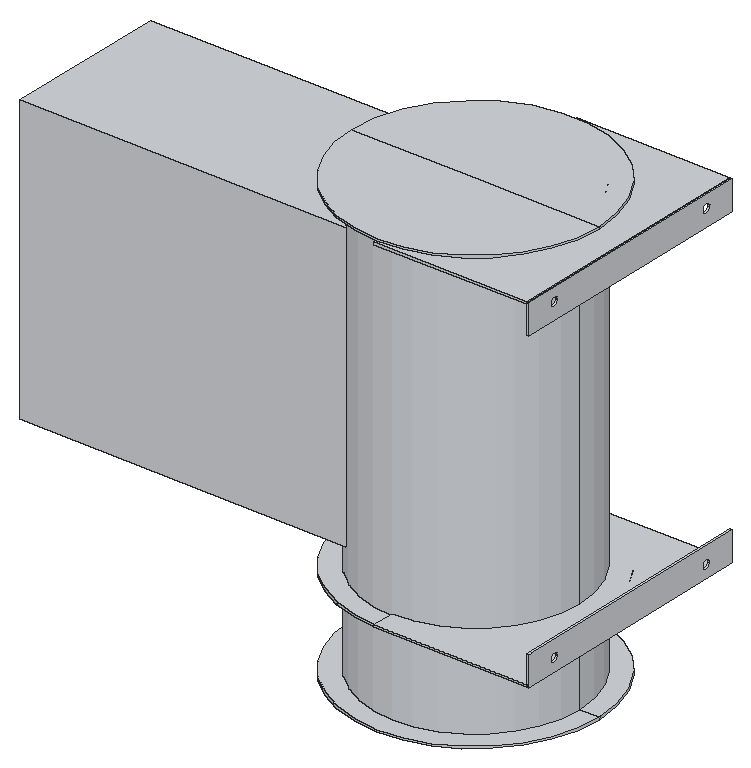
Revit family "AFBV-C_Vertical_Wall_Mount", category Mechanical Equipment, Revit 2019
Family settings
  Round Connector Dimension = Use Radius
  Part Type = Normal
  Work Plane-Based = No
  Always vertical = Yes
  Cut with Voids When Loaded = No
  Shared = No
  Room Calculation Point = No
Parameters (values of type "12_AFBV-C_VERT_WALL")
  VANE = 0' - 6"
  Unit Weight [instance] = ""
  P/2 = P / 2  # 0' - 0 9/32"
  P = 0' - 0 9/16"  # constant formula
  N = 0' - 6"
  ModelID [instance] = ""
  M/2 = M / 2  # 0' - 8"
  M = 1' - 4"
  L = 0' - 0 15/16"
  K/2 = K / 2  # 0' - 10 1/16"
  K = 1' - 8 1/8"
  J-.125" = J - 0' 0 1/8"  # 0' - 9 5/8"
  J-(C/2) = J - (C / 2)  # 0' - 2 7/16"
  J = 0' - 9 3/4"
  H-(A/2) = H - (A / 2)  # 1' - 6 3/16"
  H+J = H + J  # 2' - 10 3/8"
  H = 2' - 0 5/8"
  Sones [instance] = ""
  Motor RPM [instance] = ""
  Motor Enclosure [instance] = ""
  LwA [instance] = ""
  G = 6' - 0"
  Fan RPM [instance] = ""
  F/2 = F / 2  # 0' - 0 5/32"
  F = 0' - 0 5/16"
  E/2 = E / 2  # 0' - 11"
  E-2" = -(E - 0' 2")  # -1' - 8"
  E = 1' - 10"
  C/2+J = C / 2 + J  # 1' - 5 1/16"
  C/2 = C / 2  # 0' - 7 5/16"
  C = 1' - 2 5/8"
  B/2 = B / 2  # 0' - 7 13/16"
  B = 1' - 3 5/8"
  Accessories [instance] = ""
  A/3 = A / 2.5  # 0' - 5.15"
  A/2 = A / 2  # 0' - 6 7/16"
  A = 1' - 0 7/8"
  60 = 60.00°  # constant formula
  30 = 30.00°  # constant formula
  3" = 0' - 3"  # constant formula
  Brake Hp [instance] = ""
  4" = 0' - 4"  # constant formula
  2L = 2 * L  # 0' - 1 7/8"
  2' = 2' - 0"
  2" = 0' - 2"  # constant formula
  1" = 0' - 1"  # constant formula
  0 = 0' - 0"  # constant formula
  Voltage [instance] = 0 V
  URL = "www.lorencook.com"
  Type Comments = "Tube Axial Fan Vertical Wall Mount Belt Drive Arrangement 9"  # constant formula
  Static Pressure [instance] = 0.00 in-wg
  Power [instance] = Voltage * Motor FLA * sqrt(if(Phase = 3, 3, 1))  # 0 VA
  Phase [instance] = 0
  Number of Poles [instance] = 1
  Motor Hp [instance] = "0"
  Motor FLA [instance] = 0 A
  Model = "AFBV-C"  # constant formula
  Manufacturer = "Loren Cook Company"
  CFM [instance] = 0 CFM
  1.5 = 0' - 1 1/2"  # constant formula
  ONE EIGTH = 0' - 0 1/8"  # constant formula
  -E/2 = -E / 2  # -0' - 11"
  -(E-.25")/2 = -(E - 0' 0 1/4") / 2  # -0' - 10 7/8"
  (H-(A/2))/2 = (H - (A / 2)) / 2  # 0' - 9 3/32"
  (E-.25")/2 = (E - 0' 0 1/4") / 2  # 0' - 10 7/8"
  (A+.25")/2 = (A + 0' 0 1/4") / 2  # 0' - 6 9/16"
Types (12): name | VANE | N | M/2 | M | L | K/2 | K | J-.125" | J-(C/2) | J | H-(A/2) | H+J | H | G | F/2 | F | E/2 | E-2" | E | C/2+J | C/2 | C | B/2 | B | A/3 | A/2 | A | 2L | -E/2 | -(E-.25")/2 | (H-(A/2))/2 | (E-.25")/2 | (A+.25")/2
  (no name) | 0' - 6" | 0' - 6" | 0' - 8" | 1' - 4" | 0' - 0 15/16" | 0' - 10 1/16" | 1' - 8 1/8" | 0' - 9 5/8" | 0' - 2 7/16" | 0' - 9 3/4" | 1' - 6 3/16" | 2' - 10 3/8" | 2' - 0 5/8" | 6' - 0" | 0' - 0 5/32" | 0' - 0 5/16" | 0' - 11" | -1' - 8" | 1' - 10" | 1' - 5 1/16" | 0' - 7 5/16" | 1' - 2 5/8" | 0' - 7 13/16" | 1' - 3 5/8" | 0' - 5.15" | 0' - 6 7/16" | 1' - 0 7/8" | 0' - 1 7/8" | -0' - 11" | -0' - 10 7/8" | 0' - 9 3/32" | 0' - 10 7/8" | 0' - 6 9/16"
  12_AFBV-C_VERT_WALL | 0' - 6" | 0' - 6" | 0' - 8" | 1' - 4" | 0' - 0 15/16" | 0' - 10 1/16" | 1' - 8 1/8" | 0' - 9 5/8" | 0' - 2 7/16" | 0' - 9 3/4" | 1' - 6 3/16" | 2' - 10 3/8" | 2' - 0 5/8" | 6' - 0" | 0' - 0 5/32" | 0' - 0 5/16" | 0' - 11" | -1' - 8" | 1' - 10" | 1' - 5 1/16" | 0' - 7 5/16" | 1' - 2 5/8" | 0' - 7 13/16" | 1' - 3 5/8" | 0' - 5.15" | 0' - 6 7/16" | 1' - 0 7/8" | 0' - 1 7/8" | -0' - 11" | -0' - 10 7/8" | 0' - 9 3/32" | 0' - 10 7/8" | 0' - 6 9/16"
  16_AFBV-C_VERT_WALL | 0' - 10" | 0' - 8" | 0' - 10" | 1' - 8" | 0' - 0 15/16" | 0' - 11 9/16" | 1' - 11 1/8" | 0' - 11 5/8" | 0' - 2 7/16" | 0' - 11 3/4" | 1' - 9 11/16" | 3' - 5 7/8" | 2' - 6 1/8" | 6' - 0" | 0' - 0 5/32" | 0' - 0 5/16" | 1' - 0 1/2" | -1' - 11" | 2' - 1" | 1' - 9 1/16" | 0' - 9 5/16" | 1' - 6 5/8" | 0' - 9 13/16" | 1' - 7 5/8" | 0' - 6 3/4" | 0' - 8 7/16" | 1' - 4 7/8" | 0' - 1 7/8" | -1' - 0 1/2" | -1' - 0 3/8" | 0' - 10 27/32" | 1' - 0 3/8" | 0' - 8 9/16"
  24_AFBV-C_VERT_WALL | 1' - 1" | 1' - 0 1/4" | 1' - 2 1/4" | 2' - 4 1/2" | 0' - 0 15/16" | 1' - 2 9/16" | 2' - 5 1/8" | 1' - 3 7/8" | 0' - 2 9/16" | 1' - 4" | 2' - 3 7/16" | 4' - 7 7/8" | 3' - 3 7/8" | 6' - 0" | 0' - 0 7/32" | 0' - 0 7/16" | 1' - 3 1/2" | -2' - 5" | 2' - 7" | 2' - 5 7/16" | 1' - 1 7/16" | 2' - 2 7/8" | 1' - 2 9/16" | 2' - 5 1/8" | 0' - 9.95" | 1' - 0 7/16" | 2' - 0 7/8" | 0' - 1 7/8" | -1' - 3 1/2" | -1' - 3 3/8" | 1' - 1 23/32" | 1' - 3 3/8" | 1' - 0 9/16"
  28_AFBV-C_VERT_WALL | 1' - 1" | 1' - 2 1/4" | 1' - 4 1/4" | 2' - 8 1/2" | 0' - 0 15/16" | 1' - 2 9/16" | 2' - 5 1/8" | 1' - 5 7/8" | 0' - 2 9/16" | 1' - 6" | 2' - 3 7/16" | 4' - 11 7/8" | 3' - 5 7/8" | 6' - 0" | 0' - 0 7/32" | 0' - 0 7/16" | 1' - 3 1/2" | -2' - 5" | 2' - 7" | 2' - 9 7/16" | 1' - 3 7/16" | 2' - 6 7/8" | 1' - 4 9/16" | 2' - 9 1/8" | 0' - 11.55" | 1' - 2 7/16" | 2' - 4 7/8" | 0' - 1 7/8" | -1' - 3 1/2" | -1' - 3 3/8" | 1' - 1 23/32" | 1' - 3 3/8" | 1' - 2 9/16"
  32_AFBV-C_VERT_WALL | 1' - 3" | 1' - 4 5/16" | 1' - 6 5/16" | 3' - 0 5/8" | 0' - 0 15/16" | 1' - 4 1/16" | 2' - 8 1/8" | 1' - 8" | 0' - 2 5/8" | 1' - 8 1/8" | 2' - 4 3/4" | 5' - 5 3/8" | 3' - 9 1/4" | 6' - 0" | 0' - 0 7/32" | 0' - 0 7/16" | 1' - 5" | -2' - 8" | 2' - 10" | 3' - 1 5/8" | 1' - 5 1/2" | 2' - 11" | 1' - 6 5/8" | 3' - 1 1/4" | 1' - 1.2" | 1' - 4 1/2" | 2' - 9" | 0' - 1 7/8" | -1' - 5" | -1' - 4 7/8" | 1' - 2 3/8" | 1' - 4 7/8" | 1' - 4 5/8"
  36_AFBV-C_VERT_WALL | 1' - 4" | 1' - 6 5/16" | 1' - 8 5/16" | 3' - 4 5/8" | 0' - 0 15/16" | 1' - 4 1/16" | 2' - 8 1/8" | 1' - 10" | 0' - 2 5/8" | 1' - 10 1/8" | 2' - 4 3/4" | 5' - 9 3/8" | 3' - 11 1/4" | 6' - 0" | 0' - 0 7/32" | 0' - 0 7/16" | 1' - 5" | -2' - 8" | 2' - 10" | 3' - 5 5/8" | 1' - 7 1/2" | 3' - 3" | 1' - 8 11/16" | 3' - 5 3/8" | 1' - 2.8" | 1' - 6 1/2" | 3' - 1" | 0' - 1 7/8" | -1' - 5" | -1' - 4 7/8" | 1' - 2 3/8" | 1' - 4 7/8" | 1' - 6 5/8"
  44_AFBV-C_VERT_WALL | 1' - 7" | 1' - 10 3/8" | 2' - 0 3/8" | 4' - 0 3/4" | 0' - 1" | 1' - 8" | 3' - 4" | 2' - 2" | 0' - 2 3/8" | 2' - 2 1/8" | 3' - 0 1/4" | 7' - 0 7/8" | 4' - 10 3/4" | 12' - 0" | 0' - 0 7/32" | 0' - 0 7/16" | 1' - 9" | -3' - 4" | 3' - 6" | 4' - 1 7/8" | 1' - 11 3/4" | 3' - 11 1/2" | 2' - 0 11/16" | 4' - 1 3/8" | 1' - 6" | 1' - 10 1/2" | 3' - 9" | 0' - 2" | -1' - 9" | -1' - 8 7/8" | 1' - 6 1/8" | 1' - 8 7/8" | 1' - 10 5/8"
  48_AFBV-C_VERT_WALL | 1' - 10" | 2' - 0 15/16" | 2' - 2 15/16" | 4' - 5 7/8" | 0' - 1" | 1' - 8" | 3' - 4" | 2' - 4 5/8" | 0' - 2 15/16" | 2' - 4 3/4" | 3' - 0 3/16" | 7' - 5 1/2" | 5' - 0 3/4" | 12' - 0" | 0' - 0 7/32" | 0' - 0 7/16" | 1' - 9" | -3' - 4" | 3' - 6" | 4' - 6 9/16" | 2' - 1 13/16" | 4' - 3 5/8" | 2' - 2 3/4" | 4' - 5 1/2" | 1' - 7.65" | 2' - 0 9/16" | 4' - 1 1/8" | 0' - 2" | -1' - 9" | -1' - 8 7/8" | 1' - 6 3/32" | 1' - 8 7/8" | 2' - 0 11/16"
  54_AFBV-C_VERT_WALL | 1' - 11" | 2' - 4 1/16" | 2' - 6 1/16" | 5' - 0 1/8" | 0' - 1 1/8" | 1' - 7 7/8" | 3' - 3 3/4" | 2' - 7 3/4" | 0' - 3 1/16" | 2' - 7 7/8" | 2' - 0 1/16" | 6' - 11 5/8" | 4' - 3 3/4" | 12' - 0" | 0' - 0 7/32" | 0' - 0 7/16" | 1' - 9" | -3' - 4" | 3' - 6" | 5' - 0 11/16" | 2' - 4 13/16" | 4' - 9 5/8" | 2' - 6 3/8" | 5' - 0 3/4" | 1' - 10.15" | 2' - 3 11/16" | 4' - 7 3/8" | 0' - 2 1/4" | -1' - 9" | -1' - 8 7/8" | 1' - 0 1/32" | 1' - 8 7/8" | 2' - 3 13/16"
  60_AFBV-C_VERT_WALL | 2' - 1" | 2' - 7 1/16" | 2' - 9 1/16" | 5' - 6 1/8" | 0' - 1 1/8" | 1' - 7 7/8" | 3' - 3 3/4" | 2' - 10 3/4" | 0' - 3 1/16" | 2' - 10 7/8" | 2' - 0 1/16" | 7' - 5 5/8" | 4' - 6 3/4" | 12' - 0" | 0' - 1 1/2" | 0' - 3" | 1' - 9" | -3' - 4" | 3' - 6" | 5' - 6 11/16" | 2' - 7 13/16" | 5' - 3 5/8" | 2' - 9 3/8" | 5' - 6 3/4" | 2' - 0.55" | 2' - 6 11/16" | 5' - 1 3/8" | 0' - 2 1/4" | -1' - 9" | -1' - 8 7/8" | 1' - 0 1/32" | 1' - 8 7/8" | 2' - 6 13/16"
  18_AFBV-C_VERT_WALL | 0' - 11" | 0' - 9" | 0' - 11" | 1' - 10" | 0' - 0 15/16" | 0' - 11 9/16" | 1' - 11 1/8" | 1' - 0 5/8" | 0' - 2 7/16" | 1' - 0 3/4" | 1' - 9 11/16" | 3' - 7 7/8" | 2' - 7 1/8" | 6' - 0" | 0' - 0 5/32" | 0' - 0 5/16" | 1' - 0 1/2" | -1' - 11" | 2' - 1" | 1' - 11 1/16" | 0' - 10 5/16" | 1' - 8 5/8" | 0' - 10 13/16" | 1' - 9 5/8" | 0' - 7.55" | 0' - 9 7/16" | 1' - 6 7/8" | 0' - 1 7/8" | -1' - 0 1/2" | -1' - 0 3/8" | 0' - 10 27/32" | 1' - 0 3/8" | 0' - 9 9/16"
Reference planes (in)
  plane 1 "Center (Front/Back)": y = 0
  plane 2: z = 0
  plane 3 "Center (Left/Right)": x = 0.40541
Forms (in)
  Revolve 1, solid
    sketch origin (0, 0, 0) x (1, 0, 0) y (0, 0, 1)
      loop
        line (0.40541, -11) -> (8.21791, -11) -> (8.21791, -10.875) -> (6.96791, -10.875) -> (6.96791, 10.875) -> (8.21791, 10.875) -> (8.21791, 11) -> (0.40541, 11) -> (0.40541, -11)
      axis (0.40541, 11) -> (0.40541, -11)
    angle from 0 to 360
  Extrusion 2, solid
    sketch origin (0.40541, 0, 11) x (1, 0, 0) y (0, 1, 0)
      loop
        line (-4.06742, 5.15) -> (-24.625, 5.15) -> (-24.625, -5.15) -> (-4.06742, -5.15)
        arc (-4.06742, -5.15) -> (-6.5625, 0) -> (-4.06742, 5.15) r 6.5625
    from -20 <- "E-2"" to -2
  Extrusion 3, solid
    sketch origin (0.40541, 0, 0) x (0, 1, 0) y (0, 0, 1)
      loop
        line (-8, 10.875) -> (-8, 9) -> (8, 9) -> (8, 10.875) -> (-8, 10.875)
      loop
        line (8, -9) -> (-8, -9) -> (-8, -10.875) -> (8, -10.875) -> (8, -9)
      loop
        circle (-6, 10.0625) r 0.28125
      loop
        circle (6, 10.0625) r 0.28125
      loop
        circle (6, -10.0625) r 0.28125
      loop
        circle (-6, -10.0625) r 0.28125
    from 9.75 <- "J" to 9.625 <- "J-.125""
  Extrusion 4, solid
    sketch origin (0.40541, -8, 10.875) x (0, 1, 0) y (-1, 0, 0)
      loop
        line (0, -9.625) -> (16, -9.625) -> (16, 0) -> (14.5625, 0)
        arc (14.5625, 0) -> (8, -6.5625) -> (1.4375, 0) r 6.5625
        line (1.4375, 0) -> (0, 0) -> (0, -9.625)
    from 0 to -0.125
  Extrusion 5, solid
    sketch origin (0.40541, -8, -10.875) x (1, 0, 0) y (0, -1, 0)
      loop
        line (0, -14.5625) -> (0, -16) -> (9.625, -16) -> (9.625, 0) -> (0, 0) -> (0, -1.4375)
        arc (0, -1.4375) -> (6.5625, -8) -> (0, -14.5625) r 6.5625
    from 0 to -0.125
  Revolve 6, solid
    sketch origin (0, 0, 0) x (1, 0, 0) y (0, 0, 1)
      loop
        line (8.21791, -16.875) -> (8.21791, -16.75) -> (6.96791, -16.75) -> (6.96791, -11) -> (8.21791, -11) -> (8.21791, -10.875) -> (6.84291, -10.875) -> (6.84291, -16.875) -> (8.21791, -16.875)
      axis (0.40541, -10.875) -> (0.40541, -16.875)
    angle from 0 to 360
Dimensions and locks (in)
  "0": Revolve 1 sketch curve to plane 3 "Center (Left/Right)"  (x2)
  "E/2": Revolve 1 sketch curve to level
  "ONE EIGTH": Revolve 1 sketch curve to Revolve 1 sketch curve  (x2)
  "(A+.25")/2": Revolve 1 sketch curve to Revolve 1 sketch curve
  "B/2": Revolve 1 sketch curve to Revolve 1 sketch curve
  "E": Revolve 1 sketch curve to Revolve 1 sketch curve
  "B/2": Revolve 1 sketch curve to plane 3 "Center (Left/Right)"
  "A/3": plane 1 "Center (Front/Back)" to Extrusion 2 sketch curve
  "A/3": Extrusion 2 sketch curve to plane 1 "Center (Front/Back)"
  "H": Extrusion 2 sketch curve to plane 3 "Center (Left/Right)"
  "0": Extrusion 2 sketch curve to plane 3 "Center (Left/Right)"
  "0": Extrusion 2 sketch curve to plane 1 "Center (Front/Back)"
  "0": Revolve 1 to Extrusion 3 sketch curve  (x2)
  "M/2": Extrusion 3 sketch curve to plane 1 "Center (Front/Back)"
  "M/2": plane 1 "Center (Front/Back)" to Extrusion 3 sketch curve
  "0": Extrusion 3 sketch curve to Extrusion 3 sketch curve  (x2)
  "2L": Revolve 1 to Extrusion 3 sketch curve
  "2L": Extrusion 3 sketch curve to Revolve 1
  "N": Extrusion 3 sketch curve to plane 1 "Center (Front/Back)"  (x4)
  "K/2": Extrusion 3 sketch curve to level  (x4)
  "0": Extrusion 4 sketch curve to plane 3 "Center (Left/Right)"  (x3)
  "0": Extrusion 4 sketch curve to plane 1 "Center (Front/Back)"
  "0": Extrusion 4 sketch curve to Extrusion 3  (x2)
  "0": Extrusion 3 to Extrusion 4 sketch curve
  "0": Extrusion 5 sketch curve to plane 3 "Center (Left/Right)"  (x3)
  "0": Extrusion 5 sketch curve to Extrusion 4  (x3)
  "0": Extrusion 5 sketch curve to plane 1 "Center (Front/Back)"
  "0": Revolve 6 sketch curve to plane 3 "Center (Left/Right)"
  "(A+.25")/2": Revolve 6 sketch curve to plane 3 "Center (Left/Right)"
  "B/2": Revolve 6 sketch curve to plane 3 "Center (Left/Right)"  (x2)
  "ONE EIGTH": Revolve 6 sketch curve to Revolve 6 sketch curve  (x3)
  "VANE": Revolve 6 sketch curve to Revolve 6 sketch curve
  "0": Revolve 6 sketch curve to Revolve 1
  "(A+.25")/2": radius of Extrusion 2 sketch curve
  "P/2": radius of Extrusion 3 sketch curve  (x4)
  "(A+.25")/2": radius of Extrusion 4 sketch curve
  "(A+.25")/2": radius of Extrusion 5 sketch curve
Automatic sketch dimensions
  Revolve 1 sketch curve to level = 0' - 0"
  Revolve 1 sketch curve to Revolve 1 sketch curve = 0' - 2"
  Extrusion 2 sketch curve to Extrusion 2 sketch curve = 0' - 0"
  Revolve 6 sketch curve to Revolve 6 sketch curve = 1' - 6"
  Revolve 6 sketch curve to Revolve 6 sketch curve = 0' - 4"
Connectors (in)
  hvac at (0.40541, 0, 11), driven by "A/2"
    settings: on Revolve 1, index 2, duct flow 0 CFM, flow factor 0, pres drop 0.00 in-wg, loss coef 0, conn angle 0.00°, conn width 12", conn height 12", conn diameter 12 7/8", duct sys type 29, conn prof type 0, flow config 0, flow direction 1, loss method 0, conn ref index -1, conn util no, is conn primary yes, conn desc ""
  electrical at (-13.9408, -5.15, 0)
    settings: on Extrusion 2, index 3, voltage 0 V, apparent load 0 VA, apparent load phase1 0 VA, apparent load phase2 0 VA, apparent load phase3 0 VA, power factor 1, load classification "Other", number of poles 1, system type 30, power factor state 1, is connector primary yes, connector utility no, sub classification motor no, connector description ""
  hvac at (0.40541, 0, -16.875), driven by "A/2"
    settings: on Revolve 6, index 4, duct flow 0 CFM, flow factor 0, pres drop 0.00 in-wg, loss coef 0, conn angle 0.00°, conn width 12", conn height 12", conn diameter 12 7/8", duct sys type 29, conn prof type 0, flow config 0, flow direction 2, loss method 0, conn ref index -1, conn util no, is conn primary no, conn desc ""
